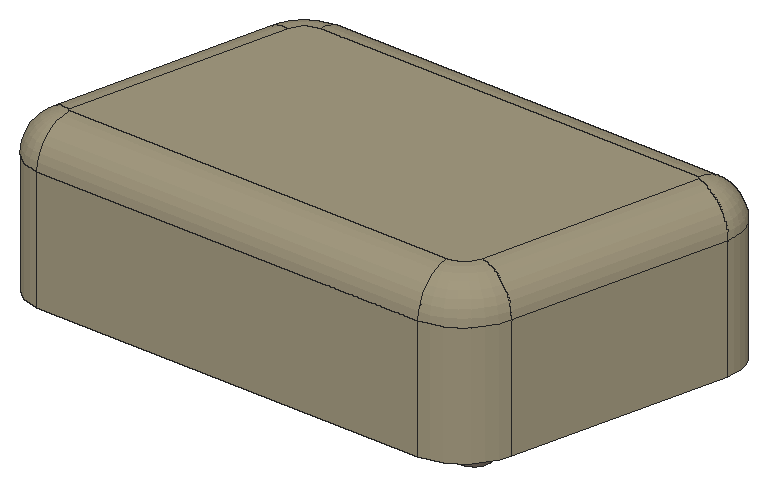
Revit family "FU_Modular_Sandler_Flow 06054", category Furniture, Revit 2022
Family settings
  OmniClass Number = 23.40.20.00
  OmniClass Title = General Furniture and Specialties
  Work Plane-Based = No
  Always vertical = Yes
  Cut with Voids When Loaded = No
  Render Appearance Source = Family Geometry
  Shared = No
  Room Calculation Point = No
Parameters (values of type "Flow 06054")
  Width = 1340 mm
  URL = "https://www.sandlerseating.com/product/flow-06054/"
  Shell [instance] = Fabric - Mainline Flax - Kensington MLF07
  Model = "Flow 06054"
  Manufacturer = "Sandler"
  Height = 450 mm
  Description = "Left-hand modular element in the Flow series. Irregular rectangle shape, no backrest, webbed seat."
  Depth = 780 mm
  Default Elevation = 0 mm
Reference planes
  plane 1 "Center (Front/Back)": y = 0
  plane 2: z = 0
  plane 3 "Center (Left/Right)": x = 0
  plane 4 "Right": x = -670
  plane 5 "Left": x = 670
  plane 6 "Back": y = 390
  plane 7 "Front": y = -390
  plane 8 "Height": z = 450
  plane 9 "Seat base": z = 50
Forms (mm)
  Extrusion 1, solid, material "Wood - Beech - Wenge"
    sketch origin (0, 0, 0) x (-1, 0, 0) y (0, -1, 0)
      loop
        circle (-416.209, 238.079) r 40
      loop
        circle (-546.223, -263.664) r 40
      loop
        circle (415.42, -246.36) r 40
      loop
        circle (547.081, 257.639) r 40
    from 0 to 55
  Extrusion 2, solid, material "Fabric - Mainline Flax - Kensington MLF07" <- "Shell"
    sketch origin (0, 0, 50) x (1, 0, 0) y (0, 1, 0)
      loop
        arc (659.409, 250.989) -> (643.42, 334.877) -> (568.482, 375.829) r 100
        arc (568.482, 375.829) -> (89.426, 390.208) -> (-389.659, 376.827) r 8274.425
        arc (-389.659, 376.827) -> (-476.491, 342.856) -> (-526.476, 264.147) r 150
        line (-526.476, 264.147) -> (-658.178, -252.139)
        arc (-658.178, -252.139) -> (-641.97, -335.927) -> (-566.995, -376.694) r 100
        arc (-566.995, -376.694) -> (-90.367, -390.212) -> (386.25, -376.253) r 8274.425
        arc (386.25, -376.253) -> (475.678, -341.251) -> (527.322, -260.285) r 155
        line (527.322, -260.285) -> (659.409, 250.989)
    from 0 to 400
  Sweep 3, void
    path in 3D
      loop
        arc (-658.178, -252.139, 450) -> (-641.97, -335.927, 450) -> (-566.995, -376.694, 450) r 100
        arc (-566.995, -376.694, 450) -> (-90.367, -390.212, 450) -> (386.25, -376.253, 450) r 8274.425
        arc (386.25, -376.253, 450) -> (475.678, -341.251, 450) -> (527.322, -260.285, 450) r 155
        line (527.322, -260.285, 450) -> (659.409, 250.989, 450)
        arc (659.409, 250.989, 450) -> (643.42, 334.877, 450) -> (568.482, 375.829, 450) r 100
        arc (568.482, 375.829, 450) -> (89.426, 390.208, 450) -> (-389.659, 376.827, 450) r 8274.425
        arc (-389.659, 376.827, 450) -> (-476.491, 342.856, 450) -> (-526.476, 264.147, 450) r 150
        line (-526.476, 264.147, 450) -> (-658.178, -252.139, 450)
    profile "Pro_edgeCut_95mm : Pro_edgeCut_95mm" origin (-592.327, 6.004, 450) x (0.96897, -0.24718, 0) y (0, 0, 1)
      loop
        line (95, 0) -> (95, 48) -> (-48, 48) -> (-48, -95) -> (0, -95)
        arc (0, -95) -> (27.825, -27.825) -> (95, 0) r 95
Cuts and joins
  Sweep 3 cuts Extrusion 2
Lines and regions (mm)
  sketch lines
    curve 1: line (-526.476, 264.147, 450) -> (-658.178, -252.139, 450)
    curve 2: arc (-566.995, -376.694, 450) -> (-641.97, -335.927, 450) -> (-658.178, -252.139, 450) r 100
    curve 3: arc (386.25, -376.253, 450) -> (-90.367, -390.212, 450) -> (-566.995, -376.694, 450) r 8274.425
    curve 4: arc (527.322, -260.285, 450) -> (475.678, -341.251, 450) -> (386.25, -376.253, 450) r 155
    curve 5: line (527.322, -260.285, 450) -> (659.409, 250.989, 450)
    curve 6: arc (568.482, 375.829, 450) -> (643.42, 334.877, 450) -> (659.409, 250.989, 450) r 100
    curve 7: arc (-389.659, 376.827, 450) -> (89.426, 390.208, 450) -> (568.482, 375.829, 450) r 8274.425
    curve 8: arc (-526.476, 264.147, 450) -> (-476.491, 342.856, 450) -> (-389.659, 376.827, 450) r 150
Dimensions and locks
  equal spacing: plane 6 "Back", plane 1 "Center (Front/Back)", plane 7 "Front"
  "Depth": plane 6 "Back" to plane 7 "Front"
  equal spacing: plane 4 "Right", plane 3 "Center (Left/Right)", plane 5 "Left"
  "Width": plane 4 "Right" to plane 5 "Left"
  "Height": plane 8 "Height" to level
  aligned and locked: level to plane 2
Automatic sketch dimensions
  Extrusion 1 sketch curve to plane 5 "Left" = 123.777 mm
  Extrusion 1 sketch curve to plane 5 "Left" = 253.791 mm
  plane 4 "Right" to Extrusion 1 sketch curve = 254.58 mm
  plane 4 "Right" to Extrusion 1 sketch curve = 122.919 mm
  Extrusion 1 sketch curve to plane 6 "Back" = 126.336 mm
  Extrusion 1 sketch curve to plane 6 "Back" = 143.64 mm
  plane 7 "Front" to Extrusion 1 sketch curve = 151.921 mm
  plane 7 "Front" to Extrusion 1 sketch curve = 132.361 mm
  plane 4 "Right" to Extrusion 2 sketch curve = 11.822 mm
  Extrusion 2 sketch curve to Extrusion 2 sketch curve = 96.897 mm
  plane 4 "Right" to Extrusion 2 sketch curve = 143.524 mm
  Extrusion 2 sketch curve to Extrusion 2 sketch curve = 145.345 mm
  Extrusion 2 sketch curve to plane 3 "Center (Left/Right)" = 94.193 mm
  plane 3 "Center (Left/Right)" to Extrusion 2 sketch curve = 80.807 mm
  Extrusion 2 sketch curve to plane 5 "Left" = 292.75 mm
  Extrusion 2 sketch curve to plane 5 "Left" = 142.678 mm
  Extrusion 2 sketch curve to plane 5 "Left" = 107.412 mm
  Extrusion 2 sketch curve to plane 5 "Left" = 10.591 mm
  Extrusion 2 sketch curve to plane 7 "Front" = 7494.212 mm
  plane 7 "Front" to Extrusion 2 sketch curve = 113.143 mm
  plane 7 "Front" to Extrusion 2 sketch curve = 129.715 mm
  Extrusion 2 sketch curve to Extrusion 2 sketch curve = 24.718 mm
  Extrusion 2 sketch curve to Extrusion 2 sketch curve = 38.771 mm
  Extrusion 2 sketch curve to plane 6 "Back" = 162.93 mm
  Extrusion 2 sketch curve to plane 6 "Back" = 139.011 mm
  Extrusion 2 sketch curve to plane 6 "Back" = 125.853 mm
  Extrusion 2 sketch curve to Extrusion 2 sketch curve = 25.014 mm
  plane 6 "Back" to Extrusion 2 sketch curve = 7494.212 mm
  Extrusion 2 sketch curve to Extrusion 2 sketch curve = 0 mm  (x2)
  radius of Extrusion 1 sketch curve = 40 mm  (x4)
